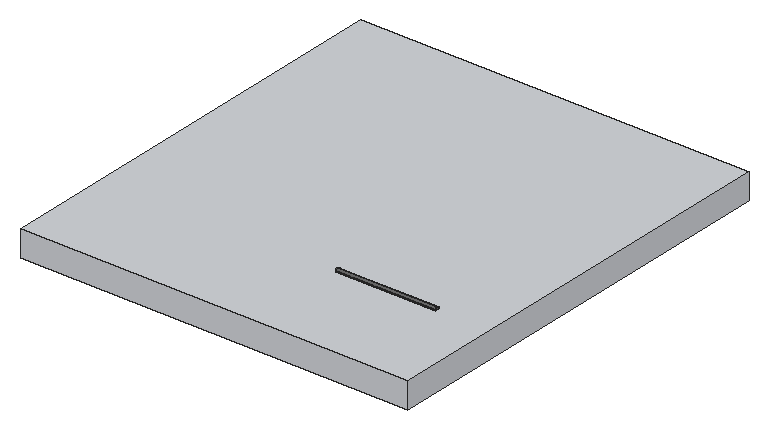
Revit family "ARKOSLIGHT_Divi indirect middle", category Luminarias, Revit 2019
Family settings
  Anfitrión = Cara
  Cota de conector redondo = Diámetro de uso
  Tipo de pieza = Normal
  Corte con vacíos al cargar = No
  Origen de luz = No
  Compartido = No
  Punto de cálculo de habitación = No
Parameters (values of type "A5380221NT - DIVI INDIRECT MIDDLE 3000K NT")
  URL = "https://www.arkoslight.com/en/products/divi/?child=diviindir"
  Modelo = ARKOSLIGHT_Model  # "DIVI"
  Fabricante = "ARKOSLIGHT"  # constant formula
  IES = IES : A5380221NT - DIVI INDIRECT MIDDLE 3000K NT
  Description = ""
  ARKOSLIGHT_IP = "20"
  ARKOSLIGHT_Series = "DIVI INDIRECT MODULE"  # constant formula
  ARKOSLIGHT_Dimming = "No Dim / DALI / Push"
  ARKOSLIGHT_Model = "DIVI"  # constant formula
  ARKOSLIGHT_Reference = "A5380221NT"
  ARKOSLIGHT_Luminous flux = 1650 lm
  ARKOSLIGHT_IES = "A538-02-2-1-NT DIVI INDIRECT MIDDLE 3000K CRI90.ies"
  ARKOSLIGHT_Color = "Textured black"
  ARKOSLIGHT_Fixture Type = "CUSTOM SYSTEMS"  # constant formula
  ARKOSLIGHT_Efficiency = "51%"
  ARKOSLIGHT_CCT = 3000 K
  ARKOSLIGHT_CRI = "CRI>90"
  ARKOSLIGHT_Body_Secondary_Color = ARKOSLIGHT_Black
  ARKOSLIGHT_Beam Angle = 115.00°
  ARKOSLIGHT_Body_Color = ARKOSLIGHT_Textured black
  Default Elevation = 0 mm
  Carga aparente = ARKOSLIGHT_Apparent Load  # 13.5 VA
  ARKOSLIGHT_Apparent Load = 13.5 VA
Types (2, lengths in mm): name | IES | ARKOSLIGHT_Reference | ARKOSLIGHT_IES | ARKOSLIGHT_Color | ARKOSLIGHT_Efficiency | ARKOSLIGHT_Body_Secondary_Color | ARKOSLIGHT_Body_Color
  A5380221NT - DIVI INDIRECT MIDDLE 3000K NT | IES : A5380221NT - DIVI INDIRECT MIDDLE 3000K NT | "A5380221NT" | "A538-02-2-1-NT DIVI INDIRECT MIDDLE 3000K CRI90.ies" | "Textured black" | "51%" | ARKOSLIGHT_Black | ARKOSLIGHT_Textured black
  A5380221WT - DIVI INDIRECT MIDDLE 3000K WT | IES : A5380221WT - DIVI INDIRECT MIDDLE 3000K WT | "A5380221WT" | "A538-02-2-1-WT DIVI INDIRECT MIDDLE 3000K CRI90.ies" | "Textured white" | "58%" | ARKOSLIGHT_White | ARKOSLIGHT_Textured white
Reference planes
  plane 1 "Center (Front/Back)": y = 0
  plane 2 "Top": z = 0
  plane 3 "Center (Left/Right)": x = 0
  plane 4: x = 600
  plane 5: x = -600
  plane 6: z = 40.071
  plane 7: z = 8
  plane 8 "Right connector": x = 448
  plane 9 "Left connector": x = -448
  plane 10: x = -592.835
  plane 11: x = -599.5
  plane 12: x = -597.55
  plane 13: x = 592.8
  plane 14: x = 597.5
  plane 15: x = 599.5
  plane 16: y = 21.9
  plane 17: y = -21.9
  plane 18: x = -594.47
  plane 19: x = 594.47
Forms (mm)
  Extrusion 1, solid
    sketch origin (0, 0, 0) x (1, 0, 0) y (0, 1, 0)
      loop
        line (-3414.25, 3876) -> (-3414.25, -1219.2) -> (1219.2, -1219.2) -> (1219.2, 3876) -> (-3414.25, 3876)
    from 0 to -304.8
  Extrusion 2, solid, material "ARKOSLIGHT_Textured black" <- "ARKOSLIGHT_Body_Color"
    sketch origin (-600, -221.408, 1060.871) x (0, -1, 0) y (0, 0, -1)
      loop
        line (-199.508, 1052.871) -> (-201.008, 1052.871) -> (-201.008, 1042.7)
        arc (-201.008, 1042.7) -> (-221.408, 1022.3) -> (-241.808, 1042.7) r 20.4
        line (-241.808, 1042.7) -> (-241.808, 1052.871) -> (-243.308, 1052.871) -> (-243.308, 1042.7)
        arc (-243.308, 1042.7) -> (-221.408, 1020.8) -> (-199.508, 1042.7) r 21.9
        line (-199.508, 1042.7) -> (-199.508, 1052.871)
    from 0 to 1200
  Extrusion 3, solid, material "ARKOSLIGHT_Black" <- "ARKOSLIGHT_Body_Secondary_Color"
    sketch origin (-599.5, -221.408, 1060.871) x (0, -1, 0) y (0, 0, -1)
      loop
        line (-201.308, 1052.871) -> (-241.508, 1052.871) -> (-241.508, 1042.7)
        arc (-241.508, 1042.7) -> (-221.408, 1022.6) -> (-201.308, 1042.7) r 20.1
        line (-201.308, 1042.7) -> (-201.308, 1052.871)
    from 0 to 1.95
  Extrusion 4, solid, material "ARKOSLIGHT_Black" <- "ARKOSLIGHT_Body_Secondary_Color"
    sketch origin (-599.5, -221.408, 1060.871) x (0, -1, 0) y (0, 0, -1)
      loop
        line (-201.318, 1051.518) -> (-201.318, 1052.871) -> (-241.497, 1052.871) -> (-241.497, 1051.518) -> (-201.318, 1051.518)
    from 0 to 6.665
  Extrusion 5, solid, material "ARKOSLIGHT_Black" <- "ARKOSLIGHT_Body_Secondary_Color"
    sketch origin (599.5, -221.408, 1060.871) x (0, -1, 0) y (0, 0, 1)
      loop
        line (-201.308, -1052.871) -> (-201.308, -1042.7)
        arc (-201.308, -1042.7) -> (-221.408, -1022.6) -> (-241.508, -1042.7) r 20.1
        line (-241.508, -1042.7) -> (-241.508, -1052.871) -> (-201.308, -1052.871)
    from 0 to 2
  Extrusion 6, solid, material "ARKOSLIGHT_Black" <- "ARKOSLIGHT_Body_Secondary_Color"
    sketch origin (599.5, -221.408, 1060.871) x (0, -1, 0) y (0, 0, 1)
      loop
        line (-201.318, -1051.518) -> (-241.497, -1051.518) -> (-241.497, -1052.871) -> (-201.318, -1052.871) -> (-201.318, -1051.518)
    from 0 to 6.7
  Extrusion 7, solid, material "ARKOSLIGHT_Light"
    sketch origin (-594.47, -221.408, 1060.871) x (0, -1, 0) y (0, 0, -1)
      loop
        line (-241.497, 1049.771) -> (-201.012, 1049.771) -> (-201.012, 1051.271) -> (-241.497, 1051.271) -> (-241.497, 1049.771)
    from 0 to 1188.94
  Revolve 8, solid, material "ARKOSLIGHT_White"
    sketch origin (-896, 0, 8.6) x (1, 0, 0) y (0, 0, 1)
      loop
        line (448, -8.596) -> (453.978, -8.596) -> (453.978, -14.646) -> (457.589, -14.646) -> (457.589, 1.348) -> (458.984, 1.348) -> (458.984, 2.228) -> (461.53, 2.228) -> (461.53, 14.778) -> (448, 14.778) -> (448, -8.596)
      axis (448, -14.646) -> (448, 14.778)
    angle from 0 to 360
  Revolve 9, void
    sketch origin (-896, 0, 8.6) x (1, 0, 0) y (0, 0, 1)
      loop
        line (448, 1) -> (458.984, 1) -> (458.984, 2.228) -> (461.53, 2.228) -> (461.53, 3.028) -> (448, 3.028) -> (448, 1)
      axis (448, 1) -> (448, 3.028)
    angle from 0 to 360
  Revolve 10, solid, material "ARKOSLIGHT_White"
    sketch origin (0, 0, 8.6) x (1, 0, 0) y (0, 0, 1)
      loop
        line (448, -8.566) -> (453.978, -8.566) -> (453.978, -14.616) -> (457.589, -14.616) -> (457.589, 1.348) -> (458.984, 1.348) -> (458.984, 2.228) -> (461.53, 2.228) -> (461.53, 14.778) -> (448, 14.778) -> (448, -8.566)
      axis (448, -14.616) -> (448, 14.778)
    angle from 0 to 360
  Revolve 11, void
    sketch origin (0, 0, 8.6) x (1, 0, 0) y (0, 0, 1)
      loop
        line (448, 1) -> (458.984, 1) -> (458.984, 2.228) -> (461.53, 2.228) -> (461.53, 3.028) -> (448, 3.028) -> (448, 1)
      axis (448, 1) -> (448, 3.028)
    angle from 0 to 360
Cuts and joins
  joined: Extrusion 3, Extrusion 4
  joined: Extrusion 5, Extrusion 6
  Revolve 9, Revolve 11 cuts Extrusion 7
  Revolve 11 cuts Revolve 8
  Revolve 11 cuts Revolve 10
Dimensions and locks
  locked: plane 5 to plane 4 at 1200
  equal spacing: plane 5, plane 3 "Center (Left/Right)", plane 4
  locked: plane 6 to plane 7 at 32.071
  locked: plane 5 to plane 11 at 0.5
  locked: plane 5 to plane 12 at 2.45
  locked: plane 5 to plane 10 at 7.165
  locked: plane 15 to plane 4 at 0.5
  locked: plane 14 to plane 4 at 2.5
  locked: plane 13 to plane 4 at 7.2
  equal spacing: plane 17, plane 1 "Center (Front/Back)", plane 16
  locked: plane 16 to plane 17 at 43.8
  locked: Extrusion 4 sketch curve to plane 17 at 1.81
  locked: plane 16 to Extrusion 4 sketch curve at 1.81
  locked: plane 16 to Extrusion 6 sketch curve at 1.81
  locked: Extrusion 6 sketch curve to plane 17 at 1.81
  locked: Extrusion 7 sketch curve to plane 17 at 1.505
  locked: plane 16 to Extrusion 7 sketch curve at 1.81
  locked: plane 5 to plane 18 at 5.53
  locked: plane 19 to plane 4 at 5.53
  locked: plane 9 "Left connector" to plane 8 "Right connector" at 896
  equal spacing: plane 9 "Left connector", plane 3 "Center (Left/Right)", plane 8 "Right connector"
  locked: plane 17 to Extrusion 2 sketch curve at 1.5
  locked: Extrusion 2 sketch curve to plane 16 at 1.5
  locked: plane 17 to Extrusion 5 sketch curve at 1.8
  locked: Extrusion 5 sketch curve to plane 16 at 1.8
  locked: plane 17 to Extrusion 3 sketch curve at 1.8
  locked: Extrusion 3 sketch curve to plane 16 at 1.8
  locked: Revolve 8 sketch curve to plane 9 "Left connector" at 5.978
  locked: Revolve 8 sketch curve to plane 9 "Left connector" at 10.984
  locked: Revolve 8 sketch curve to plane 9 "Left connector" at 13.53
  locked: Extrusion 6 sketch curve to plane 7 at 1.352
  locked: Extrusion 4 sketch curve to plane 7 at 1.352
  locked: Extrusion 7 sketch curve to plane 7 at 1.6
  locked: Extrusion 7 sketch curve to plane 7 at 3.1
  plane 7 to plane 2 "Top" = 8 mm
  aligned and locked: plane 2 "Top" to Extrusion 1
  aligned and locked: level to Extrusion 1
  aligned and locked: Extrusion 2 to plane 4
  aligned and locked: Extrusion 2 to plane 5
  aligned and locked: plane 12 to Extrusion 3
  aligned and locked: plane 10 to Extrusion 4
  aligned and locked: plane 13 to Extrusion 6
  aligned and locked: plane 14 to Extrusion 5
  aligned and locked: Extrusion 7 to plane 19
  aligned and locked: Extrusion 2 sketch curve to plane 17
  aligned and locked: plane 16 to Extrusion 2 sketch curve
  aligned and locked: Extrusion 2 sketch curve to plane 7  (x2)
  aligned and locked: Extrusion 5 sketch curve to plane 7
  aligned and locked: Extrusion 3 sketch curve to plane 7
  aligned and locked: Revolve 8 sketch curve to plane 9 "Left connector"
  aligned and locked: plane 9 "Left connector" to Revolve 8 sketch curve
  aligned and locked: plane 7 to Extrusion 6 sketch curve
  aligned and locked: plane 7 to Extrusion 4 sketch curve
  aligned and locked: plane 9 "Left connector" to Revolve 9 sketch curve
Automatic sketch dimensions
  Extrusion 1 sketch curve to Extrusion 1 sketch curve = 4633.45 mm
  Extrusion 1 sketch curve to Extrusion 1 sketch curve = 5095.2 mm
  Extrusion 2 sketch curve to Extrusion 2 sketch curve = 0 mm
  Extrusion 2 sketch curve to plane 7 = 10.171 mm
  Extrusion 3 sketch curve to plane 7 = 10.171 mm
  plane 7 to Extrusion 5 sketch curve = 10.171 mm
  Revolve 8 sketch curve to Revolve 8 sketch curve = 1.395 mm
  level to Revolve 8 sketch curve = 0.004 mm
  Revolve 8 sketch curve to Revolve 8 sketch curve = 6.05 mm
  plane 7 to Revolve 8 sketch curve = 1.948 mm
  Revolve 8 sketch curve to Revolve 8 sketch curve = 0.88 mm
  Revolve 8 sketch curve to Revolve 8 sketch curve = 12.55 mm
  Revolve 8 sketch curve to Revolve 8 sketch curve = 306.154 mm
  plane 6 to Revolve 8 sketch curve = 2209.9 mm
  plane 9 "Left connector" to Revolve 9 sketch curve = 0 mm
  plane 7 to Revolve 9 sketch curve = 2.828 mm
  plane 9 "Left connector" to Revolve 9 sketch curve = 10.984 mm
  Revolve 9 sketch curve to Revolve 9 sketch curve = 2.546 mm
  plane 7 to Revolve 9 sketch curve = 1.6 mm
  Revolve 9 sketch curve to Revolve 9 sketch curve = 2.028 mm
  Revolve 9 sketch curve to level = 312.2 mm
  plane 6 to Revolve 9 sketch curve = 2209.9 mm
  plane 8 "Right connector" to Revolve 10 sketch curve = 0 mm  (x2)
  level to Revolve 10 sketch curve = 0.034 mm
  Revolve 10 sketch curve to Revolve 10 sketch curve = 5.978 mm
  plane 7 to Revolve 10 sketch curve = 1.948 mm
  Revolve 10 sketch curve to Revolve 10 sketch curve = 1.395 mm
  Revolve 10 sketch curve to Revolve 10 sketch curve = 2.546 mm
  Revolve 10 sketch curve to Revolve 10 sketch curve = 6.05 mm
  Revolve 10 sketch curve to Revolve 10 sketch curve = 0.88 mm
  Revolve 10 sketch curve to Revolve 10 sketch curve = 12.55 mm
  Revolve 10 sketch curve to Revolve 10 sketch curve = 306.184 mm
  plane 6 to Revolve 10 sketch curve = 2209.9 mm
  plane 8 "Right connector" to Revolve 11 sketch curve = 0 mm  (x2)
  plane 7 to Revolve 11 sketch curve = 2.828 mm
  Revolve 11 sketch curve to plane 8 "Right connector" = 10.984 mm
  Revolve 11 sketch curve to Revolve 11 sketch curve = 2.546 mm
  plane 7 to Revolve 11 sketch curve = 1.6 mm
  Revolve 11 sketch curve to Revolve 11 sketch curve = 2.028 mm
  Revolve 11 sketch curve to level = 312.2 mm
  plane 6 to Revolve 11 sketch curve = 2209.9 mm
  Revolve 10 sketch curve to Revolve 10 sketch curve = 3.611 mm
Nested families
  nested 1: "IES" at (-448.032, -0.288, 8) x (-1, 0, 0) z (0, 0, -1), type <- "IES", type "A5380221NT - DIVI INDIRECT MIDDLE 3000K NT"
Connectors
  electrical at (0, 0, 0), driven by "Carga aparente"
    settings: on Extrusion 1, index 1, voltage 230 V, apparent load 0 VA, apparent load phase1 13.5 VA, apparent load phase2 0 VA, apparent load phase3 0 VA, power factor 1, load classification "Lighting", number of poles 1, system type 31, power factor state 1, is connector primary yes, connector utility no, sub classification motor no, connector description ""
Definition of nested family "IES"
  Parameters (values of type "A5380221NT - DIVI INDIRECT MIDDLE 3000K NT")
    Wattage = 9.2903 W
    built-in parameter 1150110 = 1 (stored number, unit not read)
    URL = "https://www.arkoslight.com/en/products/divi/?child=diviindir"
    built-in parameter 1114217 = 1 (stored number, unit not read)
    built-in parameter 1150109 = 1 (stored number, unit not read)
    built-in parameter 1150134 = 3
    built-in parameter 1150113 = 1 (stored number, unit not read)
    Model = ARKOSLIGHT_Model  # "DIVI"
    Manufacturer = "ARKOSLIGHT"  # constant formula
    built-in parameter 1150105 = 439.27 (stored number, unit not read)
    Lumens = 1380 lm
    built-in parameter 1150115 = 1 (stored number, unit not read)
    Light Source Symbol Size = 50 mm  # constant formula
    built-in parameter 1150137 = (empty or 0)
    built-in parameter 1150139 = (empty or 0)
    built-in parameter 1150112 = 1 (stored number, unit not read)
    built-in parameter 1150114 = 1 (stored number, unit not read)
    built-in parameter 1150132 = (empty or 0)
    built-in parameter 1150102 = (empty or 0)
    built-in parameter 1150107 = 3000 (stored number, unit not read)
    built-in parameter 1150138 = (empty or 0)
    built-in parameter 1150106 = 4.3927 (stored number, unit not read)
    Emit from Rectangle Width = 40.2 mm  # constant formula
    Emit from Rectangle Length = 1185.6 mm  # constant formula
    Emit Shape Visible in Rendering = no
    built-in parameter 1150104 = 13.8 (stored number, unit not read)
    Dimming Lamp Color Temperature Shift = (empty or 0)
    Description = ""
    Color Filter = 16777215
    built-in parameter 1114218 = 1 (stored number, unit not read)
    built-in parameter 1150133 = 10 (stored number, unit not read)
    ARKOSLIGHT_IP = "20"
    ARKOSLIGHT_Series = "DIVI INDIRECT MODULE"  # constant formula
    ARKOSLIGHT_Dimming = "No Dim / DALI / Push"
    ARKOSLIGHT_Model = "DIVI"  # constant formula
    ARKOSLIGHT_Reference = "A5380221NT"
    ARKOSLIGHT_Luminous flux = 1650 lm
    ARKOSLIGHT_IES = "A538-02-2-1-NT DIVI INDIRECT MIDDLE 3000K CRI90.ies"
    ARKOSLIGHT_Fixture Type = "CUSTOM SYSTEMS"  # constant formula
    ARKOSLIGHT_Efficiency = "51%"
    ARKOSLIGHT_CCT = 3000 K
    ARKOSLIGHT_CRI = "CRI>90"
    ARKOSLIGHT_Beam Angle = 115.00°
    Default Elevation = 0 mm
    Apparent Load = ARKOSLIGHT_Apparent Load  # 13.5 VA
    ARKOSLIGHT_Apparent Load = 13.5 VA
  Types (2, lengths in mm): name | ARKOSLIGHT_Reference | ARKOSLIGHT_IES | ARKOSLIGHT_Efficiency
    A5380221NT - DIVI INDIRECT MIDDLE 3000K NT | "A5380221NT" | "A538-02-2-1-NT DIVI INDIRECT MIDDLE 3000K CRI90.ies" | "51%"
    A5380221WT - DIVI INDIRECT MIDDLE 3000K WT | "A5380221WT" | "A538-02-2-1-WT DIVI INDIRECT MIDDLE 3000K CRI90.ies" | "58%"
  Reference planes
    plane 1 "Center (Front/Back)": y = 0
    plane 2 "Top": z = 0
    plane 3 "Center (Left/Right)": x = 0
    plane 4: x = 600
    plane 5: x = -600
    plane 6: x = -592.835
    plane 7: x = 592.8
    plane 8: y = 21.9
    plane 9: y = -21.9
    plane 10: y = -20.1
    plane 11: y = 20.1
  Forms (mm)
    Extrusion 1, solid
      sketch origin (0, 0, 0) x (1, 0, 0) y (0, 1, 0)
        loop
          line (-3414.25, 3876) -> (-3414.25, -1219.2) -> (1219.2, -1219.2) -> (1219.2, 3876) -> (-3414.25, 3876)
      from 0 to -304.8
  Dimensions and locks
    locked: plane 5 to plane 4 at 1200
    equal spacing: plane 5, plane 3 "Center (Left/Right)", plane 4
    locked: plane 5 to plane 6 at 7.165
    locked: plane 7 to plane 4 at 7.2
    equal spacing: plane 9, plane 1 "Center (Front/Back)", plane 8
    locked: plane 8 to plane 9 at 43.8
    locked: plane 8 to plane 11 at 1.8
    locked: plane 9 to plane 10 at 1.8
    plane 6 to plane 7 = 1185.635 mm
    plane 10 to plane 11 = 40.2 mm
    aligned and locked: plane 2 "Top" to Extrusion 1
    aligned and locked: level to Extrusion 1
  Automatic sketch dimensions
    Extrusion 1 sketch curve to Extrusion 1 sketch curve = 4633.45 mm
    Extrusion 1 sketch curve to Extrusion 1 sketch curve = 5095.2 mm
